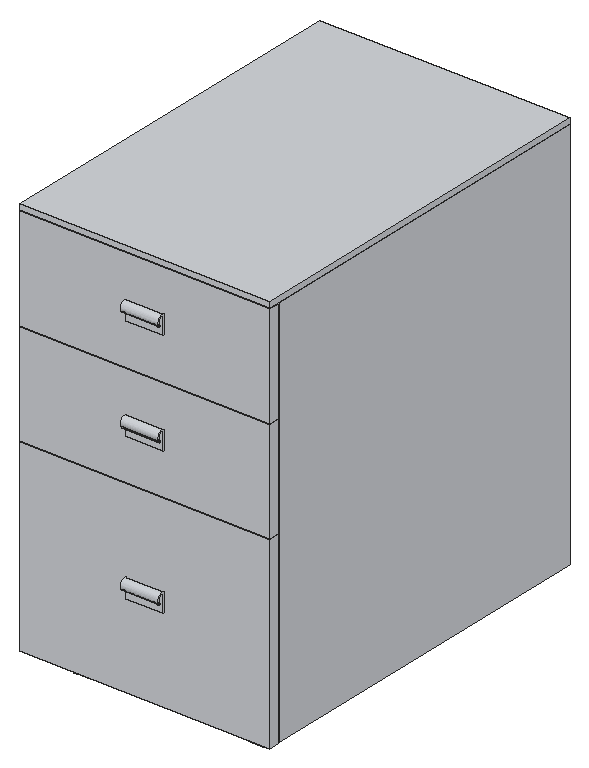
Revit family "Armário - Módulo 3", category Mobiliário, Revit 2019
Family settings
  Número OmniClass = 23.40.20.00
  Título OmniClass = General Furniture and Specialties
  Com base no plano de trabalho = Não
  Sempre na vertical = Sim
  Corte com vazios quando carregada = Não
  Compartilhado = Não
  Ponto de cálculo do ambiente = Não
Parameters (values of type "400 x 600 x 680mm")
  Largura = 400 mm
  Comprimento = 600 mm
  Altura = 680 mm
  Material do puxador = none
  Material do castor = none
  Material do armário = none
Reference planes
  plane 1 "Centro (Frente/Trás)": y = 0
  plane 2: z = 0
  plane 3 "Centro (Esquerda/Direita)": x = 0
  plane 4: x = -200
  plane 5: x = 200
  plane 6: y = -300
  plane 7: y = 300
  plane 8: z = 680
  plane 9: y = -280
  plane 10: y = -285
  plane 11: z = 40
  plane 12: z = 670
  plane 13: z = 672
  plane 14: z = 340
  plane 15: z = 339
  plane 16: z = 341
  plane 17: z = 505
  plane 18: z = 504
  plane 19: z = 506
  plane 20: z = 588
  plane 21: x = -30
  plane 22: x = 30
  plane 23: z = 603
  plane 24: z = 573
  plane 25: z = 422.5
  plane 26: z = 437.5
  plane 27: z = 407.5
  plane 28: z = 189.5
  plane 29: z = 204.5
  plane 30: z = 174.5
  plane 31: x = 140
  plane 32: x = 130
  plane 33: x = 150
  plane 34: y = 240
  plane 35: z = 20
  plane 36: x = -140
  plane 37: x = -130
  plane 38: x = -150
  plane 39: y = -240
Forms (mm)
  Extrusion 1, solid, material <- "Material do armário"
    sketch origin (0, 0, 0) x (1, 0, 0) y (0, 1, 0)
      loop
        line (-200, 300) -> (-200, -280) -> (200, -280) -> (200, 300) -> (-200, 300)
    from 40 to 670
  Extrusion 2, solid, material <- "Material do armário"
    sketch origin (0, 0, 0) x (1, 0, 0) y (0, 1, 0)
      loop
        line (-200, 300) -> (-200, -300) -> (200, -300) -> (200, 300) -> (-200, 300)
    from 672 to 680
  Extrusion 3, solid, material <- "Material do armário"
    sketch origin (0, 0, 0) x (1, 0, 0) y (0, 1, 0)
      loop
        line (-200, -285) -> (-200, -300) -> (200, -300) -> (200, -285) -> (-200, -285)
    from 40 to 339
  Extrusion 4, solid, material <- "Material do armário"
    sketch origin (0, 0, 0) x (1, 0, 0) y (0, 1, 0)
      loop
        line (-200, -285) -> (-200, -300) -> (200, -300) -> (200, -285) -> (-200, -285)
    from 341 to 504
  Extrusion 5, solid, material <- "Material do armário"
    sketch origin (0, 0, 0) x (1, 0, 0) y (0, 1, 0)
      loop
        line (-200, -285) -> (-200, -300) -> (200, -300) -> (200, -285) -> (-200, -285)
    from 506 to 670
  Sweep 6, solid, material <- "Material do puxador", detail levels fine
    path origin (0, 0, 0) x (1, 0, 0) y (0, 0, 1)
      loop
        line (-30, 588) -> (30, 588)
    profile origin (0, 0, 588) x (0, 0, 1) y (0, -1, 0)
      loop
        arc (15, 300) -> (11.602, 309.372) -> (1.64, 309.003) r 8.461
        arc (1.64, 309.003) -> (0.843, 308.451) -> (-0.015, 307.999) r 8
        line (-0.015, 307.999) -> (0.735, 307.249)
        arc (0.735, 307.249) -> (1.521, 307.695) -> (2.258, 308.217) r 9
        arc (2.258, 308.217) -> (10.73, 308.742) -> (14.21, 301) r 7.461
        line (14.21, 301) -> (-15, 301) -> (-15, 300) -> (15, 300)
  Sweep 7, solid, material <- "Material do puxador", detail levels fine
    path origin (0, 0, -165.5) x (1, 0, 0) y (0, 0, 1)
      loop
        line (-30, 588) -> (30, 588)
    profile origin (0, 0, 422.5) x (0, 0, 1) y (0, -1, 0)
      loop
        arc (15, 300) -> (11.602, 309.372) -> (1.64, 309.003) r 8.461
        arc (1.64, 309.003) -> (0.843, 308.451) -> (-0.015, 307.999) r 8
        line (-0.015, 307.999) -> (0.735, 307.249)
        arc (0.735, 307.249) -> (1.521, 307.695) -> (2.258, 308.217) r 9
        arc (2.258, 308.217) -> (10.73, 308.742) -> (14.21, 301) r 7.461
        line (14.21, 301) -> (-15, 301) -> (-15, 300) -> (15, 300)
  Sweep 8, solid, material <- "Material do puxador", detail levels fine
    path origin (0, 0, -398.5) x (1, 0, 0) y (0, 0, 1)
      loop
        line (-30, 588) -> (30, 588)
    profile origin (0, 0, 189.5) x (0, 0, 1) y (0, -1, 0)
      loop
        arc (15, 300) -> (11.602, 309.372) -> (1.64, 309.003) r 8.461
        arc (1.64, 309.003) -> (0.843, 308.451) -> (-0.015, 307.999) r 8
        line (-0.015, 307.999) -> (0.735, 307.249)
        arc (0.735, 307.249) -> (1.521, 307.695) -> (2.258, 308.217) r 9
        arc (2.258, 308.217) -> (10.73, 308.742) -> (14.21, 301) r 7.461
        line (14.21, 301) -> (-15, 301) -> (-15, 300) -> (15, 300)
  Extrusion 9, solid, material <- "Material do castor"
    sketch origin (0, 0, 0) x (0, 1, 0) y (0, 0, 1)
      loop
        circle (240, 20) r 20
    from 130 to 150
  Extrusion 10, solid, material <- "Material do castor"
    sketch origin (0, 0, 0) x (0, 1, 0) y (0, 0, -1)
      loop
        circle (240, -20) r 20
    from 130 to 150
  Extrusion 11, solid, material <- "Material do castor"
    sketch origin (0, 0, 0) x (0, -1, 0) y (0, 0, -1)
      loop
        circle (240, -20) r 20
    from 130 to 150
  Extrusion 12, solid, material <- "Material do castor"
    sketch origin (0, 0, 0) x (0, -1, 0) y (0, 0, 1)
      loop
        circle (240, 20) r 20
    from 130 to 150
Lines and regions (mm)
  Masking region 1
    outline origin (0, 0, 0) x (1, 0, 0) y (0, 1, 0)
      loop
        line (200, 300) -> (-200, 300) -> (-200, -300) -> (200, -300) -> (200, 300)
  Masking region 2, detail levels fine
    outline origin (0, 0, 0) x (1, 0, 0) y (0, 1, 0)
      loop
        line (-30, -300) -> (-30, -310.875) -> (30, -310.875) -> (30, -300) -> (-30, -300)
  symbolic lines
    curve 1: line (-200, 300, 0) -> (200, 300, 0)
    curve 2: line (-200, -300, 0) -> (-200, 300, 0)
    curve 3: line (200, -300, 0) -> (-200, -300, 0)
    curve 4: line (200, 300, 0) -> (200, -300, 0)
  symbolic lines, detail levels fine
    curve 5: line (-30, -300, 0) -> (-30, -310.875, 0)
    curve 6: line (30, -310.875, 0) -> (30, -300, 0)
    curve 7: line (-30, -310.875, 0) -> (30, -310.875, 0)
Dimensions and locks
  locked: plane 11 to plane 2 at 40
  equal spacing: plane 5, plane 3 "Centro (Esquerda/Direita)", plane 4
  "Largura": plane 5 to plane 4
  "Altura": plane 8 to plane 2
  equal spacing: plane 8, plane 14, plane 2
  equal spacing: plane 12, plane 17, plane 14
  locked: plane 8 to plane 13 at 8
  locked: plane 6 to plane 10 at 15
  "Comprimento": plane 6 to plane 7
  locked: plane 10 to plane 9 at 5
  locked: plane 13 to plane 12 at 2
  locked: plane 19 to plane 17 at 1
  locked: plane 17 to plane 18 at 1
  plane 16 to plane 14 = 1 mm
  locked: plane 14 to plane 15 at 1
  equal spacing: plane 12, plane 20, plane 19
  equal spacing: plane 22, plane 3 "Centro (Esquerda/Direita)", plane 21  (x2)
  locked: plane 22 to plane 21 at 60
  equal spacing: plane 23, plane 20, plane 24
  locked: plane 23 to plane 24 at 30
  equal spacing: plane 18, plane 25, plane 16
  locked: plane 26 to plane 27 at 30
  equal spacing: plane 26, plane 25, plane 27
  equal spacing: plane 15, plane 28, plane 11
  locked: plane 29 to plane 30 at 30
  equal spacing: plane 29, plane 28, plane 30
  plane 7 to plane 34 = 60 mm
  equal spacing: plane 11, plane 35, plane 2
  plane 33 to plane 31 to plane 32 = 10 mm locked, 10 mm locked
  locked: plane 5 to plane 31 at 60
  plane 38 to plane 36 to plane 37 = 10 mm locked, 10 mm locked
  locked: plane 4 to plane 36 at 60
  locked: plane 39 to plane 6 at 60
  aligned and locked: level to plane 2
  aligned and locked: Extrusion 1 sketch curve to plane 7
  aligned and locked: Extrusion 1 sketch curve to plane 5
  aligned and locked: plane 9 to Extrusion 1 sketch curve
  aligned and locked: plane 4 to Extrusion 1 sketch curve
  aligned and locked: Extrusion 1 to plane 11
  aligned and locked: plane 12 to Extrusion 1
  aligned and locked: Extrusion 2 sketch curve to plane 7
  aligned and locked: Extrusion 2 sketch curve to plane 5
  aligned and locked: plane 4 to Extrusion 2 sketch curve
  aligned and locked: plane 6 to Extrusion 2 sketch curve
  aligned and locked: plane 8 to Extrusion 2
  aligned and locked: Extrusion 2 to plane 13
  aligned and locked: Extrusion 3 sketch curve to plane 10
  aligned and locked: plane 4 to Extrusion 3 sketch curve
  aligned and locked: Extrusion 3 sketch curve to plane 5
  aligned and locked: plane 6 to Extrusion 3 sketch curve
  aligned and locked: Extrusion 3 to plane 11
  aligned and locked: plane 15 to Extrusion 3
  aligned and locked: Extrusion 4 sketch curve to plane 10
  aligned and locked: plane 4 to Extrusion 4 sketch curve
  aligned and locked: Extrusion 4 sketch curve to plane 5
  aligned and locked: plane 6 to Extrusion 4 sketch curve
  aligned and locked: plane 18 to Extrusion 4
  aligned and locked: Extrusion 4 to plane 16
  aligned and locked: Extrusion 5 sketch curve to plane 10
  aligned and locked: plane 4 to Extrusion 5 sketch curve
  aligned and locked: Extrusion 5 sketch curve to plane 5
  aligned and locked: plane 6 to Extrusion 5 sketch curve
  aligned and locked: plane 12 to Extrusion 5
  aligned and locked: Extrusion 5 to plane 19
  aligned and locked: Sweep 6 sketch curve to plane 20
  aligned and locked: plane 6 to Sweep 6 sketch curve
  aligned and locked: plane 6 to Sweep 7 sketch curve
  aligned and locked: plane 35 to Extrusion 9 sketch curve
  aligned and locked: plane 34 to Extrusion 9 sketch curve
  aligned and locked: Extrusion 9 to plane 32
  aligned and locked: plane 33 to Extrusion 9
  aligned and locked: plane 37 to Extrusion 10
  aligned and locked: Extrusion 10 to plane 38
  aligned and locked: Extrusion 11 sketch curve to plane 39
  aligned and locked: plane 38 to Extrusion 12
  aligned and locked: Extrusion 12 to plane 37
  aligned and locked: plane 33 to Extrusion 11
  aligned and locked: Extrusion 11 to plane 32
  aligned and locked: plane 4 to curve 2
  aligned and locked: curve 1 to plane 7
  aligned and locked: curve 4 to plane 5
  aligned and locked: plane 6 to curve 3
  aligned and locked: plane 5 to Extrusion 2
  aligned and locked: plane 7 to Extrusion 2
  aligned and locked: Extrusion 2 to plane 4
  aligned and locked: Extrusion 2 to plane 6
  aligned and locked: plane 5 to Extrusion 1
  aligned and locked: Masking region 1 sketch curve to Extrusion 2  (x4)
  aligned and locked: curve 5 to plane 21
  aligned and locked: plane 22 to curve 6
  aligned and locked: Masking region 2 sketch curve to plane 21
  aligned and locked: Masking region 2 sketch curve to curve 7
  aligned and locked: Masking region 2 sketch curve to plane 22
  aligned and locked: Masking region 2 sketch curve to Sweep 6
Automatic sketch dimensions
  Sweep 6 sketch curve to plane 21 = 0 mm
  Sweep 6 sketch curve to plane 22 = 0 mm
  Sweep 6 sketch curve to Sweep 6 sketch curve = 0 mm  (x6)
  profile plane to Sweep 6 sketch curve = 15 mm
  profile plane to Sweep 6 sketch curve = 3.309 mm
  profile plane to Sweep 6 sketch curve = 0.015 mm
  Sweep 6 sketch curve to profile plane = 0.735 mm
  Sweep 6 sketch curve to profile plane = 1.64 mm
  Sweep 6 sketch curve to Sweep 6 sketch curve = 0.619 mm
  Sweep 6 sketch curve to profile plane = 6.874 mm
  Sweep 6 sketch curve to Sweep 6 sketch curve = 7.337 mm
  Sweep 6 sketch curve to Sweep 6 sketch curve = 0.79 mm
  Sweep 6 sketch curve to Sweep 6 sketch curve = 1 mm
  Sweep 7 sketch curve to plane 21 = 0 mm
  Sweep 7 sketch curve to plane 22 = 0 mm
  Sweep 7 sketch curve to plane 25 = 0 mm
  Sweep 7 sketch curve to Sweep 7 sketch curve = 0 mm  (x6)
  profile plane to Sweep 7 sketch curve = 15 mm
  profile plane to Sweep 7 sketch curve = 3.309 mm
  profile plane to Sweep 7 sketch curve = 0.015 mm
  Sweep 7 sketch curve to profile plane = 0.735 mm
  Sweep 7 sketch curve to profile plane = 1.64 mm
  Sweep 7 sketch curve to Sweep 7 sketch curve = 0.619 mm
  Sweep 7 sketch curve to profile plane = 6.874 mm
  Sweep 7 sketch curve to Sweep 7 sketch curve = 7.337 mm
  Sweep 7 sketch curve to Sweep 7 sketch curve = 0.79 mm
  Sweep 7 sketch curve to Sweep 7 sketch curve = 1 mm
  Sweep 8 sketch curve to plane 21 = 0 mm
  Sweep 8 sketch curve to plane 22 = 0 mm
  Sweep 8 sketch curve to plane 28 = 0 mm
  Sweep 8 sketch curve to Sweep 8 sketch curve = 0 mm  (x6)
  profile plane to Sweep 8 sketch curve = 15 mm
  profile plane to Sweep 8 sketch curve = 3.309 mm
  profile plane to Sweep 8 sketch curve = 0.015 mm
  Sweep 8 sketch curve to profile plane = 0.735 mm
  Sweep 8 sketch curve to profile plane = 1.64 mm
  Sweep 8 sketch curve to Sweep 8 sketch curve = 0.619 mm
  Sweep 8 sketch curve to profile plane = 6.874 mm
  Sweep 8 sketch curve to Sweep 8 sketch curve = 7.337 mm
  Sweep 8 sketch curve to Sweep 8 sketch curve = 0.79 mm
  plane 1 "Centro (Frente/Trás)" to Sweep 8 sketch curve = 300 mm
  Sweep 8 sketch curve to Sweep 8 sketch curve = 1 mm
  Extrusion 10 sketch curve to plane 34 = 0 mm
  Extrusion 10 sketch curve to plane 35 = 0 mm
  Extrusion 11 sketch curve to plane 35 = 0 mm
  Extrusion 12 sketch curve to plane 35 = 0 mm
  Extrusion 12 sketch curve to plane 39 = 0 mm
  curve 7 to curve 6 = 10.875 mm
  radius of Extrusion 9 sketch curve = 20 mm
  radius of Extrusion 10 sketch curve = 20 mm
  radius of Extrusion 11 sketch curve = 20 mm
  radius of Extrusion 12 sketch curve = 20 mm
